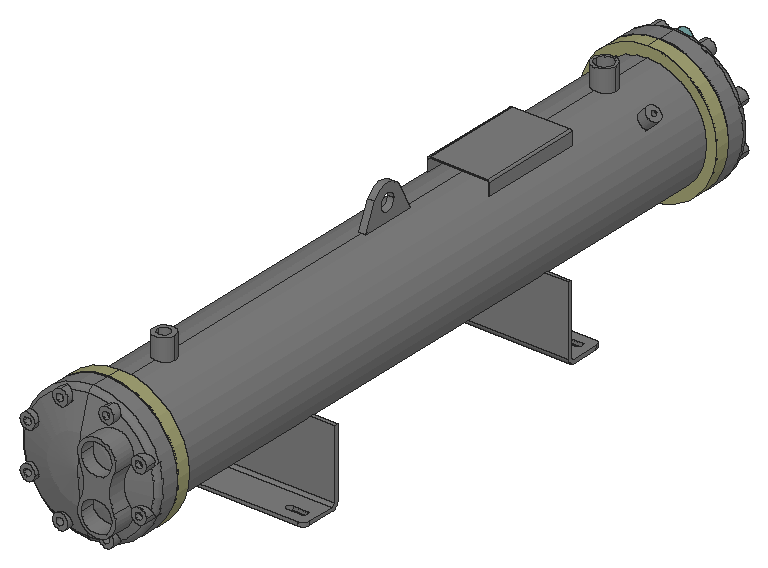
Revit family "MIT-BCM_75C_4P", category Specialty Equipment, Revit 2022
Family settings
  Round Connector Dimension = Use Radius
  Part Type = Normal
  Work Plane-Based = No
  Always vertical = Yes
  Cut with Voids When Loaded = No
  Maintain Annotation Orientation = No
  Shared = No
  Room Calculation Point = No
Parameters
  URL = "https://en.ekinendustriyel.com/evaporators-and-condensers"
  Test Pressure = 64.35 bar
  Production Standard = "TS EN 13831"
  Operating Pressure = 45.0 bar
  Model = "MIT-BCM 75C_4P"
  Manufacturer = "Ekin Endüstriyel"
  Keynote = "Condensers"
  Description = "MIT- Condensers"
  Default Elevation = 0 mm
Reference planes
  plane 1 "Center (Front/Back)": y = 0
  plane 2: z = 0
  plane 3 "Center (Left/Right)": x = 0
Forms (mm)
  Extrusion 1, solid, material "Ekin Endustriyel-S235JR"
    sketch origin (0, 0, 0) x (1, 0, 0) y (0, 0, 1)
      loop
        circle (0, 164.15) r 84.15
    from -479.041 to 480.876
  Extrusion 2, solid, material "Ekin Endustriyel-S235JR", detail levels fine
    sketch origin (0, 0, 0) x (1, 0, 0) y (0, 0, 1)
      loop
        line (-45, 235.88) -> (-44, 235.88) -> (-44, 252.88)
        arc (-44, 252.88) -> (-43.414, 254.294) -> (-42, 254.88) r 2
        line (-42, 254.88) -> (42, 254.88)
        arc (42, 254.88) -> (43.414, 254.294) -> (44, 252.88) r 2
        line (44, 252.88) -> (44, 235.88) -> (45, 235.88) -> (45, 252.88)
        arc (45, 252.88) -> (44.121, 255.002) -> (42, 255.88) r 3
        line (42, 255.88) -> (-42, 255.88)
        arc (-42, 255.88) -> (-44.121, 255.002) -> (-45, 252.88) r 3
        line (-45, 252.88) -> (-45, 235.88)
    from -284.231 to -134.231
  Extrusion 3, solid, material "Ekin Endustriyel-S235JR", detail levels fine
    sketch origin (0, -0.625, 0) x (0, 1, 0) y (0, 0, 1)
      loop
        line (-40.334, 248.151) -> (39.666, 248.151) -> (22.137, 284.106)
        arc (22.137, 284.106) -> (-0.334, 298.151) -> (-22.806, 284.106) r 25
        line (-22.806, 284.106) -> (-40.334, 248.151)
      loop
        circle (-0.334, 273.151) r 12.5
    from -5 to 5
  Extrusion 4, solid, material "Ekin Endustriyel-S235JR", detail levels fine
    sketch origin (0, 149.507, 0) x (1, 0, 0) y (0, 1, 0)
      loop
        circle (0, 249.666) r 16.75
      loop
        circle (0, 249.666) r 13
    from 278.3 to 204.31
  Extrusion 5, solid, material "Ekin Endustriyel-S235JR", detail levels fine
    sketch origin (0, -150.542, 0) x (1, 0, 0) y (0, 1, 0)
      loop
        circle (0, -250.334) r 15.25
      loop
        circle (0, -250.334) r 8.928
    from 278.3 to 211.07
  Extrusion 6, solid, material "Ekin Endustriyel-S235JR", detail levels fine
    sketch origin (71.72, 399.173, 235.87) x (0, 1, 0) y (-0.707107, 0, 0.707107)
      loop
        circle (0, 0) r 11
      loop
        circle (0, 0) r 4.216
    from 0 to -32.02
  Extrusion 7, solid, material "Ekin Endustriyel-S235JR", detail levels fine
    sketch origin (0, -150.542, 0) x (1, 0, 0) y (0, 1, 0)
      loop
        circle (0, -250.334) r 13.75
      loop
        circle (0, -250.334) r 10.25
    from 51.131 to 169.15
  Extrusion 8, solid, material "Ekin Endustriyel-AISI316L", detail levels medium+fine
    sketch origin (0, -150.542, 0) x (1, 0, 0) y (0, 0, 1)
      loop
        circle (0, 164.15) r 100
    from 330.334 to 350.334
  Extrusion 9, solid, material "Ekin Endustriyel-AISI316L", detail levels medium+fine
    sketch origin (0, 779.375, 0) x (1, 0, 0) y (0, 0, 1)
      loop
        circle (0, 164.15) r 100
    from 280.334 to 300.334
  Revolve 10, solid, material "Ekin Endustriyel-S235JR", detail levels medium+fine
    sketch origin (0, -150.542, 0) x (0, 1, 0) y (0, 0, 1)
      loop
        line (-352.334, 264.15) -> (-377.299, 264.15)
        arc (-377.299, 264.15) -> (-382.802, 262.5) -> (-386.489, 258.094) r 10
        arc (-386.489, 258.094) -> (-401.262, 212.101) -> (-407.122, 164.15) r 255.705
        line (-407.122, 164.15) -> (-352.334, 164.15) -> (-352.334, 264.15)
      axis (-352.334, 164.15) -> (-407.122, 164.15)
    angle from 0 to 360
  Revolve 11, solid, material "Ekin Endustriyel-S235JR", detail levels medium+fine
    sketch origin (0, 148.706, 0) x (0, -1, 0) y (0, 0, -1)
      loop
        line (-352.334, -264.15) -> (-352.334, -164.15) -> (-407.122, -164.15)
        arc (-407.122, -164.15) -> (-401.262, -212.101) -> (-386.489, -258.094) r 255.705
        arc (-386.489, -258.094) -> (-382.802, -262.5) -> (-377.299, -264.15) r 10
        line (-377.299, -264.15) -> (-352.334, -264.15)
      axis (-352.334, -164.15) -> (-407.122, -164.15)
    angle from 0 to 360
  Extrusion 12, solid, material "Ekin Endustriyel-S235JR", detail levels coarse
    sketch origin (0, 0, 0) x (1, 0, 0) y (0, 0, 1)
      loop
        circle (0, 164.159) r 99.991
    from -556.041 to 572.829
  Extrusion 13, solid, material "Ekin Endustriyel-S235JR"
    sketch origin (0, 74.458, 0) x (0, 1, 0) y (0, 0, 1)
      loop
        arc (134.666, 9) -> (137.302, 2.636) -> (143.666, 0) r 9
        line (143.666, 0) -> (194.666, 0) -> (194.666, 5) -> (143.666, 5)
        arc (143.666, 5) -> (140.837, 6.172) -> (139.666, 9) r 4
        line (139.666, 9) -> (139.666, 110) -> (134.666, 110) -> (134.666, 9)
    from -100 to 100
  Extrusion 14, void
    sketch origin (0, 269.124, 5) x (0, -1, 0) y (1, 0, 0)
      loop
        line (25.25, 63.5) -> (25.25, 83.5)
        arc (25.25, 83.5) -> (20, 88.75) -> (14.75, 83.5) r 5.25
        line (14.75, 83.5) -> (14.75, 63.5)
        arc (14.75, 63.5) -> (20, 58.25) -> (25.25, 63.5) r 5.25
      loop
        line (10, 100) -> (-10, 100) -> (-10, -100) -> (10, -100)
        arc (10, -100) -> (2.929, -97.071) -> (0, -90) r 10
        line (0, -90) -> (0, 90)
        arc (0, 90) -> (2.929, 97.071) -> (10, 100) r 10
      loop
        arc (14.75, -83.5) -> (20, -88.75) -> (25.25, -83.5) r 5.25
        line (25.25, -83.5) -> (25.25, -63.5)
        arc (25.25, -63.5) -> (20, -58.25) -> (14.75, -63.5) r 5.25
        line (14.75, -63.5) -> (14.75, -83.5)
    from -5 to 0
  Extrusion 15, solid, material "Ekin Endustriyel-S235JR"
    sketch origin (0, -76.211, 0) x (0, -1, 0) y (0, 0, -1)
      loop
        line (134.666, -9) -> (134.666, -110) -> (139.666, -110) -> (139.666, -9)
        arc (139.666, -9) -> (140.837, -6.172) -> (143.666, -5) r 4
        line (143.666, -5) -> (194.666, -5) -> (194.666, 0) -> (143.666, 0)
        arc (143.666, 0) -> (137.302, -2.636) -> (134.666, -9) r 9
    from -100 to 100
  Extrusion 16, void
    sketch origin (0, -270.876, 5) x (0, 1, 0) y (-1, 0, 0)
      loop
        arc (25.25, -63.5) -> (20, -58.25) -> (14.75, -63.5) r 5.25
        line (14.75, -63.5) -> (14.75, -83.5)
        arc (14.75, -83.5) -> (20, -88.75) -> (25.25, -83.5) r 5.25
        line (25.25, -83.5) -> (25.25, -63.5)
      loop
        arc (10, -100) -> (2.929, -97.071) -> (0, -90) r 10
        line (0, -90) -> (0, 90)
        arc (0, 90) -> (2.929, 97.071) -> (10, 100) r 10
        line (10, 100) -> (-10, 100) -> (-10, -100) -> (10, -100)
      loop
        line (14.75, 83.5) -> (14.75, 63.5)
        arc (14.75, 63.5) -> (20, 58.25) -> (25.25, 63.5) r 5.25
        line (25.25, 63.5) -> (25.25, 83.5)
        arc (25.25, 83.5) -> (20, 88.75) -> (14.75, 83.5) r 5.25
    from -5 to 0
  Extrusion 17, solid, material "Ekin Endustriyel-S235JR", detail levels medium+fine
    sketch origin (0, -150.542, 0) x (1, 0, 0) y (0, 0, 1)
      loop
        circle (39.989, 201.858) r 22.531
      loop
        circle (39.989, 126.459) r 22.531
      loop
        arc (65.111, 190.594) -> (39.989, 229.389) -> (14.868, 190.594) r 27.531
        arc (14.868, 190.594) -> (21.175, 165.045) -> (15.645, 139.317) r 58.499
        arc (15.645, 139.317) -> (39.103, 98.942) -> (65.111, 137.723) r 27.531
        arc (65.111, 137.723) -> (58.797, 164.159) -> (65.111, 190.594) r 58.499
    from 390.526 to 422.288
  Extrusion 18, solid, material "Ekin Endustriyel-Zinc", detail levels medium+fine
    sketch origin (0, 149.375, 0) x (1, 0, 0) y (0, 0, 1)
      loop
        circle (0, 246.649) r 12.497
      loop
        circle (0, 246.649) r 5.497
    from -396.666 to -367.889
  Extrusion 19, solid, material "Ekin Endustriyel-S235JR", detail levels medium+fine
    sketch origin (0, -150.542, 0) x (1, 0, 0) y (0, 0, -1)
      loop
        circle (-80.837, -197.64) r 11
      loop
        circle (-80.837, -197.64) r 5.497
      loop
        circle (-80.837, -130.66) r 11
      loop
        circle (-80.837, -130.66) r 5.497
      loop
        circle (80.837, -197.64) r 11
      loop
        circle (80.837, -197.64) r 5.497
      loop
        circle (80.837, -130.66) r 11
      loop
        circle (80.837, -130.66) r 5.497
      loop
        circle (33.49, -244.987) r 11
      loop
        circle (33.49, -244.987) r 5.497
      loop
        circle (-33.49, -244.987) r 11
      loop
        circle (-33.49, -244.987) r 5.497
      loop
        circle (33.49, -83.313) r 11
      loop
        circle (33.49, -83.313) r 5.497
      loop
        circle (-33.49, -83.313) r 11
      loop
        circle (-33.49, -83.313) r 5.497
    from -396.666 to -367.889
  Extrusion 20, solid, material "Ekin Endustriyel-S235JR", detail levels medium+fine
    sketch origin (0, 149.375, 0) x (1, 0, 0) y (0, 0, 1)
      loop
        circle (-35.355, 199.505) r 22
      loop
        circle (35.355, 128.795) r 22
    from -406.666 to -351.666
  Extrusion 21, solid, material "Ekin Endustriyel-S235JR", detail levels medium+fine
    sketch origin (0, 149.375, 0) x (1, 0, 0) y (0, 0, 1)
      loop
        circle (-80.837, 197.64) r 11
      loop
        circle (-80.837, 197.64) r 5.497
      loop
        circle (-80.837, 130.66) r 11
      loop
        circle (-80.837, 130.66) r 5.497
      loop
        circle (80.837, 197.64) r 11
      loop
        circle (80.837, 197.64) r 5.497
      loop
        circle (80.837, 130.66) r 11
      loop
        circle (80.837, 130.66) r 5.497
      loop
        circle (33.49, 244.987) r 11
      loop
        circle (33.49, 244.987) r 5.497
      loop
        circle (-33.49, 244.987) r 11
      loop
        circle (-33.49, 244.987) r 5.497
      loop
        circle (33.49, 83.313) r 11
      loop
        circle (33.49, 83.313) r 5.497
      loop
        circle (-33.49, 83.313) r 11
      loop
        circle (-33.49, 83.313) r 5.497
      loop
        circle (0, 81.651) r 12.497
      loop
        circle (0, 81.651) r 5.497
    from -396.666 to -367.889
Cuts and joins
  Extrusion 14, Extrusion 16 cuts Extrusion 13
  Extrusion 16 cuts Extrusion 15
  joined: Extrusion 1, Extrusion 13, Extrusion 15
Dimensions and locks
  aligned and locked: level to plane 2
Connectors
  piping at (39.989, -572.829, 201.858), diameter 38.2
    settings: on Extrusion 17, index 1, connector inside diameter 609.6 mm, connector length 0 mm, flow factor 0, pipe flow 0.0 L/s, pressure drop 0.0 Pa, fitting loss kfactor 0, connector angle 0.00°, fixture units 0, engagement length 0 mm, angle of deflection 0.00°, flow configuration 0, flow direction 1, fitting loss method 0, system type 7, joint type 0, gender type 0, connector reference index -1, connector utility 0, adjustable connector no, is connector primary yes, connector description ""
  piping at (39.989, -572.829, 126.459), diameter 38.2
    settings: on Extrusion 17, index 2, connector inside diameter 609.6 mm, connector length 0 mm, flow factor 0, pipe flow 0.0 L/s, pressure drop 0.0 Pa, fitting loss kfactor 0, connector angle 0.00°, fixture units 0, engagement length 0 mm, angle of deflection 0.00°, flow configuration 0, flow direction 2, fitting loss method 0, system type 7, joint type 0, gender type 0, connector reference index -1, connector utility 0, adjustable connector no, is connector primary no, connector description ""
  hvac at (0, 399.173, 278.3)
    settings: on Extrusion 4, index 3, duct flow 0.0 L/s, flow factor 0, pres drop 0.0 bar, loss coef 0, conn angle 0.00°, conn width 304.8 mm, conn height 304.8 mm, conn diameter 28 mm, duct sys type 3, conn prof type 0, flow config 0, flow direction 0, loss method 0, conn ref index -1, conn util no, is conn primary yes, conn desc ""
  hvac at (0, -400.876, 51.131)
    settings: on Extrusion 7, index 4, duct flow 0.0 L/s, flow factor 0, pres drop 0.0 bar, loss coef 0, conn angle 0.00°, conn width 304.8 mm, conn height 304.8 mm, conn diameter 22 mm, duct sys type 3, conn prof type 0, flow config 0, flow direction 0, loss method 0, conn ref index -1, conn util no, is conn primary no, conn desc ""
